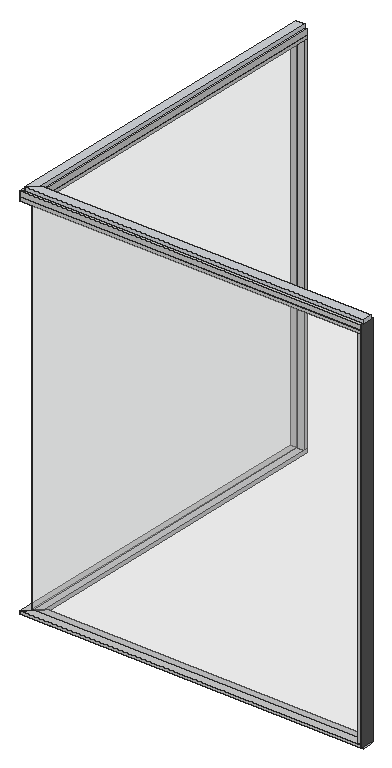
Revit family "Haworth_EncloseFrameless_Wall_GlassCorner", category Furniture Systems, Revit 2018
Family settings
  Round Connector Dimension = Use Diameter
  Part Type = Normal
  OmniClass Number = 23.25.40.14
  OmniClass Title = Demountable Partitions
  Work Plane-Based = No
  Always vertical = Yes
  Cut with Voids When Loaded = No
  Shared = Yes
  Room Calculation Point = No
Parameters (values of type "108"_90 Degree")
  Width 1 [instance] = 96"
  Warranty = "http://www.haworth.com/resources/product-info/warranties"
  URL - Product = "http://www.haworth.com/products/architectural-interiors/moveable-walls/enclose"
  Type Comments = ""
  Sustainability Info = "http://www.haworth.com/company-info/sustainablility"
  Model = "Haworth - Enclose Frameless"  # constant formula
  Material Options = "http://surfaces.haworth.com/"
  Width 2 [instance] = 96"
  Vertical Frame Width = 0.875"  # constant formula
  URL = "www.haworth.com"
  Size = "Verify Final Dim. w/ Haworth"  # constant formula
  Revision Number = "3"  # constant formula
  Panel Width [instance] = Width 1 - (2 * Vertical Frame Width) - End of Run Left Width - End of Run Right Width  # 93.94"
  Panel Height = Actual Height - Horizontal Bottom Adjuster Width - (2 * Horizontal Frame Width) - Horizontal Top Adjuster Width  # 101.5"
  Panel Depth = 0.4"  # constant formula
  Min/Max Width = "12in Min, Verify Max"  # constant formula
  Min/Max Height = "24-144 in."  # constant formula
  Horizontal Top Trim Width = 1.43"  # constant formula
  Horizontal Top Adjuster Width = Cap Height + Horizontal Top Trim Width + 0.195"  # 2.625"
  Horizontal Bottom Adjuster Width = Base Height + Horizontal Frame Width  # 2.125"
  Glazing Connector_90 = and(Glazing Connector, [90 Degree])  # no
  Glazing Connector_135 = and(Glazing Connector, [135 Degree])  # no
  Glazing Connector = no
  Glass Finish = Haworth _ Glass _ Clear
  Frame Finish = Haworth _ Metal _ Brushed Aluminum
  End of Run Finish = Haworth _ Polymer _ Black
  End Frame Right [instance] = yes
  End Frame Left [instance] = yes
  Description = "Wall-Glass_Corner"  # constant formula
  Cut Angle = Angle / 2  # 45.00°
  Ceiling Mount = yes
  Min. Height = 24"  # constant formula
  Max. Height = 144"  # constant formula
  Manufacturer = "Haworth"  # constant formula
  Horizontal Frame Width = 0.875"  # constant formula
  Horizontal Bottom Trim Width = 2.425"  # constant formula
  Height = 108"
  Half Postcap Width = 0.155"  # constant formula
  Frame Depth = 4"  # constant formula
  End of Run Right Width [instance] = if(and(End of Run Right, End Frame Right), 1.845", Half Postcap Width)  # 0.155"
  End of Run Right [instance] = no
  End of Run Left Width [instance] = if(and(End of Run Left, End Frame Left), 1.845", Half Postcap Width)  # 0.155"
  End of Run Left [instance] = no
  Cap Height = 1"  # constant formula
  Base Height = 1.25"  # constant formula
  Author = "SHAPE Environments, LLC"  # constant formula
  Assembly Code = "C1010200"
  Angle = if([90 Degree], 90.00°, 135.00°)  # 90.00°
  Actual Height = if(Height < Min. Height, Min. Height, if(Height > Max. Height, Max. Height, Height))  # 108"
  90 Degree = yes
  135 Degree = not([90 Degree])  # no
Types (2): name | Cut Angle | Angle | 90 Degree | 135 Degree
  108"_135 Degree | 67.50° | 135.00° | no | yes
  108"_90 Degree | 45.00° | 90.00° | yes | no
Reference planes (in)
  plane 1 "Center F/B": y = -0.17786
  plane 2: z = 0
  plane 3 "Center L/R": x = -2.36364
  plane 4 "Left": x = -50.36364
  plane 5 "Right": x = 45.63636
  plane 6 "Top": z = 108
  plane 7 "Back": y = 1.82214
  plane 8 "Front": y = -2.17786
  plane 9 "Void 3": x = -2.36364
  plane 10 "Void 1": x = -2.36364
  plane 11 "Right Frame Outside": x = 45.48136
  plane 12 "Right Frame Inside": x = 44.60636
  plane 13 "End of Run Right": x = 45.63636
  plane 14 "Void 2": x = -2.36364
  plane 15 "Top Frame Outside": z = 105.375
  plane 16 "Top Trim Outside": z = 107
  plane 17 "Top Frame Inside": z = 104.5
  plane 18 "Bottom Frame Outside": z = 2.125
  plane 19 "Bottom Adjuster": z = 1.25
  plane 20 "Bottom Frame Inside": z = 3
  plane 21: y = 93.82214
  plane 22: through (-118.24589, 65.70439, 48) normal (-0.7071, 0.7071, 0)
  plane 23: through (-50.36364, -2.17786, 48) normal (-0.7071, 0.7071, 0)
Dimensions and locks (in)
  "Width 1": plane 4 "Left" to plane 13 "End of Run Right"
  "End of Run Right Width": plane 11 "Right Frame Outside" to plane 13 "End of Run Right"
  "Vertical Frame Width": plane 12 "Right Frame Inside" to plane 11 "Right Frame Outside"
  equal spacing: plane 7 "Back", plane 1 "Center F/B", plane 8 "Front"
  "Frame Depth": plane 7 "Back" to plane 8 "Front"
  "Actual Height": plane 6 "Top" to level
  "Cap Height": plane 6 "Top" to plane 16 "Top Trim Outside"
  "Horizontal Frame Width": plane 15 "Top Frame Outside" to plane 17 "Top Frame Inside"
  "Base Height": plane 19 "Bottom Adjuster" to level
  "Horizontal Frame Width": plane 20 "Bottom Frame Inside" to plane 18 "Bottom Frame Outside"
  "Horizontal Bottom Adjuster Width": plane 18 "Bottom Frame Outside" to plane 2
  "Horizontal Top Adjuster Width": plane 6 "Top" to plane 15 "Top Frame Outside"
  locked: nested 2 to plane 4 "Left"
  equal spacing: plane 4 "Left", plane 3 "Center L/R", plane 13 "End of Run Right"
  "Width 2": plane 21 to plane 8 "Front"
  "Width 2": plane 22 to plane 23
  "Angle": angle plane 8 "Front" to nested 2
  aligned and locked: plane 1 "Center F/B" to nested 1
  aligned and locked: plane 3 "Center L/R" to nested 1
  aligned and locked: plane 3 "Center L/R" to plane 10 "Void 1"
  aligned and locked: plane 3 "Center L/R" to plane 14 "Void 2"
  aligned and locked: plane 3 "Center L/R" to plane 9 "Void 3"
Nested families (in)
  nested 1: "Glass_Corner_Panel" at (0, 0, 0), Width <- "Width 1", End of Run <- "End of Run Right", End Frame <- "End Frame Right", type "108" H"
    with Width 96", Panel Width 93.17", HFEC Right Width 0.155", Glass Right Offset 0.875", End of Run Right Width 0.155", End of Run no, End Frame yes, Cut Angle 45.00°
  nested 2: "Glass_Corner_Panel" at (-48.18578, 48.18578, 0) x (0, 1, 0) z (0, 0, 1), Width <- "Width 2", End of Run <- "End of Run Left", End Frame <- "End Frame Left", type "108" H"
    with Width 96", Panel Width 93.17", HFEC Right Width 0.155", Glass Right Offset 0.875", End of Run Right Width 0.155", End of Run no, End Frame yes, Cut Angle 45.00°
Definition of nested family "Glass_Corner_Panel"
  Parameters
    Width [instance] = 36"
    URL - Product = ""
    Material Options = ""
    Warranty = ""
    Vertical Frame Width = 0.875"  # constant formula
    URL = ""
    Top Offset = 1.2185"  # constant formula
    LEED Data = ""
    Sustainability Info = ""
    Size = ""
    Revision Number = "1"  # constant formula
    Panel Width [instance] = if(and(End Frame, Glazing Connector_90, Cut Angle = 45.00°), Width - (Vertical Frame Width) - (End of Run Right Width) - 1.8" - 0.4", if(and(End Frame, Cut Angle = 45.00°), Width - (Vertical Frame Width) - (End of Run Right Width) - 1.8", if(and(End Frame, Glazing Connector_135), Width - (Vertical Frame Width) - (End of Run Right Width) - 1.75" + 1" - 0.4", if(End Frame, Width - (Vertical Frame Width) - (End of Run Right Width) - 0.75", if(and(Glazing Connector_90, Cut Angle = 45.00°), Width - (Vertical Frame Width) - (End of Run Right Width) - 0.75" - 0.4", if(Cut Angle = 45.00°, Width - (Vertical Frame Width) - (End of Run Right Width) - 0.75", if(Glazing Connector_135, Width - (Vertical Frame Width) - End of Run Right Width - 0.72" + 1" - 0.4", Width - 0.75")))))))  # 34.22"
    Panel Height = Height - Horizontal Bottom Adjuster Width - Horizontal Frame Width - Horizontal Top Adjuster Width  # 103.25"
    Panel Depth = 0.4"  # constant formula
    OmniClass Number = "23.25.40.14"  # constant formula
    Min/Max Width = ""
    Min/Max Height = ""
    Horizontal Top Trim Width = 1.43"  # constant formula
    Horizontal Top Adjuster Width = Cap Height + Horizontal Top Trim Width + 0.195"  # 2.625"
    Horizontal Bottom Adjuster Width = Base Height + Horizontal Frame Width  # 1.25"
    Height = 108"
    HFEC Right Width [instance] = if(not(End Frame), 0", End of Run Right Width)  # 0.155"
    Glazing Connector_90 = no
    Glazing Connector_135 = no
    Glass Right Offset [instance] = if(End Frame, Vertical Frame Width, 0")  # 0.875"
    Glass Offset = Horizontal Bottom Adjuster Width + Horizontal Frame Width  # 2.125"
    End Frame [instance] = yes
    Cut Angle = 67.50°
    Ceiling Mount = yes
    Bottom Offset = 2.795"  # constant formula
    Min. Width = 8"  # constant formula
    Max. Width = 60"  # constant formula
    Min. Height = 84"  # constant formula
    Max. Height = 144"  # constant formula
    Manufacturer = "Haworth"  # constant formula
    Horizontal Frame Width = 0.875"  # constant formula
    Horizontal Bottom Trim Width = 2.425"  # constant formula
    Half Postcap Width = 0.155"  # constant formula
    Frame Depth = 4"  # constant formula
    End of Run Right Width [instance] = if(and(End of Run, End Frame), 1.845", Half Postcap Width)  # 0.155"
    End of Run [instance] = no
    Cap Height = 1"  # constant formula
    Base Height = 0.375"  # constant formula
    Author = "SHAPE Environments, LLC"  # constant formula
    Assembly Code = ""
    Frame Finish = none
    Glass Finish = none
    Postcap Finish = none
  Reference planes (in)
    plane 1 "Center F/B": y = -0.17786
    plane 2: z = 0
    plane 3 "Center L/R": x = -2.36364
    plane 4 "Void End": x = -20.61364
    plane 5 "Right": x = 15.48136
    plane 6 "Top": z = 108
    plane 7 "Back": y = 1.82214
    plane 8 "Front": y = -2.17786
    plane 9 "Corner": x = -20.36364
    plane 10 "Glass Corner": x = -18.56364
    plane 11 "Right Frame Outside": x = 15.48136
    plane 12 "Right Frame Inside": x = 14.60636
    plane 13 "End of Run Right": x = 15.63636
    plane 14 "Void 1": x = -2.36364
    plane 15 "Top Frame Outside": z = 105.375
    plane 16 "Top Trim Outside": z = 107
    plane 17 "Top Frame Inside": z = 104.5
    plane 18 "Bottom Frame Outside": z = 1.25
    plane 19 "Bottom Adjuster": z = 0.375
    plane 20 "Bottom Frame Inside": z = 2.125
    plane 21 "Glass Constraint": x = 14.60636
  Forms (in)
    Sweep 1, solid, material <- "Postcap Finish", visible <- "End Frame"
      path origin (0, -0.17786, 0) x (1, 0, 0) y (0, 0, 1)
        loop
          line (15.48136, 107) -> (15.48136, 0.375)
      profile "Haworth_Enclose - Postcap : Right" origin (15.48136, -0.17786, 53.6875) x (1, 0, 0) y (0, -1, 0)
        loop
          line (0, 1.805) -> (0, -1.805) -> (0.155, -1.805) -> (0.155, 1.805) -> (0, 1.805)
    Sweep 2, solid, material <- "Frame Finish", visible <- "End Frame"
      path origin (0, -0.17786, 0) x (1, 0, 0) y (0, 0, 1)
        loop
          line (15.48136, 104.5) -> (15.48136, 1.25)
      profile "Haworth_Enclose - Vertical_Frame : Vertical" origin (15.48136, -0.17786, 52.875) x (1, 0, 0) y (0, -1, 0)
        loop
          line (0, 2) -> (-0.875, 2) -> (-0.875, -2) -> (0, -2) -> (0, 2)
    Sweep 3, solid, material <- "Frame Finish"
      path origin (0, -0.17786, 0) x (1, 0, 0) y (0, 0, 1)
        loop
          line (15.48136, 104.5) -> (-20.36364, 104.5)
      profile "Haworth_Enclose - Horizontal_Frame : Horizontal" origin (-2.44114, -0.17786, 104.5) x (0, 0, -1) y (0, -1, 0)
        loop
          line (0, -2) -> (0, 2) -> (-0.875, 2) -> (-0.875, -2) -> (0, -2)
    Sweep 4, solid, material <- "Frame Finish"
      path origin (0, -0.17786, 0) x (1, 0, 0) y (0, 0, 1)
        loop
          line (-20.36364, 107) -> (15.48136, 107)
      profile "Haworth_Enclose - Horizontal_Trim : Top" origin (-2.44114, -0.17786, 107) x (0, 0, 1) y (0, -1, 0)
        loop
          line (0, -2) -> (0, 2) -> (-1.43, 2) -> (-1.43, 1.805) -> (-1.625, 1.805) -> (-1.625, -1.805) -> (-1.43, -1.805) -> (-1.43, -2) -> (0, -2)
    Sweep 5, solid, visible <- "Ceiling Mount"
      path origin (0, -0.17786, 0) x (1, 0, 0) y (0, 0, 1)
        loop
          line (-20.36364, 108) -> (15.63636, 108)
      profile "Haworth_Enclose - Horizontal_Track : Ceiling" origin (-2.36364, -0.17786, 108) x (0, 0, 1) y (0, -1, 0)
        loop
          line (0, -1.28) -> (0, 1.28) -> (-1, 1.28) -> (-1, -1.28) -> (0, -1.28)
    Sweep 6, solid
      path origin (0, -0.17786, 0) x (1, 0, 0) y (0, 0, 1)
        loop
          line (15.63636, 0) -> (-20.36364, 0)
      profile "Haworth_Enclose - Horizontal_Track : Base" origin (-2.36364, -0.17786, 0) x (0, 0, -1) y (0, -1, 0)
        loop
          line (0, -1.2875) -> (0, 1.2875) -> (-0.375, 1.2875) -> (-0.375, -1.2875) -> (0, -1.2875)
    Sweep 7, solid, material <- "Frame Finish"
      path origin (0, -0.17786, 0) x (1, 0, 0) y (0, 0, 1)
        loop
          line (-20.36364, 1.25) -> (15.48136, 1.25)
      profile "Haworth_Enclose - Horizontal_Frame : Horizontal" origin (-2.44114, -0.17786, 1.25) x (0, 0, 1) y (0, -1, 0)
        loop
          line (0, -2) -> (0, 2) -> (-0.875, 2) -> (-0.875, -2) -> (0, -2)
    Extrusion 8, void
      sketch origin (0, 0, 0) x (1, 0, 0) y (0, 1, 0)
        loop
          line (-20.61364, 1.82214) -> (-20.61364, -2.17786) -> (-20.36364, -2.17786) -> (-18.70679, 1.82214) -> (-20.61364, 1.82214)
      from 0 to 108
    Extrusion 9, solid, material <- "Frame Finish", visible <- "Glazing Connector_90"
      sketch origin (-0.05, 0, 0) x (1, 0, 0) y (0, 1, 0)
        loop
          line (-18.51364, -0.37786) -> (-18.11364, -0.37786) -> (-18.11364, 0.02214) -> (-18.51364, -0.37786)
      from 1.25 to 104.5
    Extrusion 10, solid, material <- "Frame Finish", visible <- "Glazing Connector_135"
      sketch origin (-1.05, 0, 0) x (1, 0, 0) y (0, 1, 0)
        loop
          line (-18.16364, 0.02214) -> (-18.40236, 0.02214) -> (-18.56804, -0.37786) -> (-18.16364, -0.37786) -> (-18.16364, 0.02214)
      from 1.25 to 104.5
  Cuts and joins
    Extrusion 8 cuts Sweep 6
    Extrusion 8 cuts Sweep 7
    Extrusion 8 cuts Sweep 5
    Extrusion 8 cuts Sweep 4
    Extrusion 8 cuts Sweep 3
  Lines and regions (in)
    Masking region 1
      outline origin (0, 4.375, 0) x (1, 0, 0) y (0, 1, 0)
        loop
          line (-18.70679, -2.55286) -> (-20.36364, -6.55286) -> (15.63636, -6.55286) -> (15.63636, -2.55286) -> (-18.70679, -2.55286)
    Masking region 2, detail levels medium+fine
      outline origin (0, 0, 0) x (1, 0, 0) y (0, 1, 0)
        loop
          line (-19.45237, 0.02214) -> (-19.61806, -0.37786) -> (14.60636, -0.37786) -> (14.60636, 0.02214) -> (-19.45237, 0.02214)
    symbolic lines, visible <- "End Frame", detail levels medium+fine
      curve 1: line (14.60636, 1.82214, 0) -> (14.60636, -2.17786, 0)
    reference lines
      curve 2: line (-20.36364, -2.17786, 0) -> (-18.06754, 3.36541, 0)
    symbolic lines
      curve 3: line (15.63636, 1.82214, 0) -> (-4.36364, 1.82214, 0)
      curve 4: line (-20.36364, -2.17786, 0) -> (15.63636, -2.17786, 0)
      curve 5: line (15.63636, -2.17786, 0) -> (15.63636, 1.82214, 0)
    symbolic lines, visible <- "Glazing Connector_90"
      curve 6: line (-18.56364, -0.37786, 0) -> (-18.16364, -0.37786, 0)
      curve 7: line (-18.16364, -0.37786, 0) -> (-18.16364, 0.02214, 0)
    symbolic lines, visible <- "Glazing Connector_135"
      curve 8: line (-19.21364, 0.02214, 0) -> (-19.21364, -0.37786, 0)
      curve 9: line (-19.21364, -0.37786, 0) -> (-19.61814, -0.37786, 0)
  Dimensions and locks (in)
    equal spacing: plane 9 "Corner", plane 3 "Center L/R", plane 13 "End of Run Right"
    "Width": plane 9 "Corner" to plane 13 "End of Run Right"
    "End of Run Right Width": plane 11 "Right Frame Outside" to plane 13 "End of Run Right"
    "Vertical Frame Width": plane 12 "Right Frame Inside" to plane 11 "Right Frame Outside"
    equal spacing: plane 7 "Back", plane 1 "Center F/B", plane 8 "Front"
    "Frame Depth": plane 7 "Back" to plane 8 "Front"
    "Height": plane 6 "Top" to level
    "Cap Height": plane 6 "Top" to plane 16 "Top Trim Outside"
    "Horizontal Frame Width": plane 15 "Top Frame Outside" to plane 17 "Top Frame Inside"
    "Base Height": plane 19 "Bottom Adjuster" to level
    "Horizontal Bottom Adjuster Width": plane 18 "Bottom Frame Outside" to plane 2
    "Horizontal Top Adjuster Width": plane 6 "Top" to plane 15 "Top Frame Outside"
    locked: plane 9 "Corner" to plane 10 "Glass Corner" at 1.8
    locked: plane 4 "Void End" to plane 9 "Corner" at 0.25
    locked: Extrusion 10 to plane 10 "Glass Corner" at 0.65
    Extrusion 10 sketch curve to Extrusion 10 sketch curve = 0.4044"
    "Glass Right Offset": plane 21 "Glass Constraint" to plane 5 "Right"
    "HFEC Right Width": plane 5 "Right" to plane 13 "End of Run Right"
    "Cut Angle": angle plane 8 "Front" to curve 2
    aligned and locked: Sweep 1 sketch curve to plane 11 "Right Frame Outside"
    aligned and locked: Sweep 2 sketch curve to plane 11 "Right Frame Outside"
    aligned and locked: plane 17 "Top Frame Inside" to Sweep 2 sketch curve
    aligned: plane 3 "Center L/R" to nested 1
    aligned and locked: plane 1 "Center F/B" to nested 1
    aligned: nested 1 to plane 20 "Bottom Frame Inside"
    aligned and locked: curve 1 to Sweep 2
    aligned and locked: plane 17 "Top Frame Inside" to Sweep 3 sketch curve
    aligned and locked: Sweep 4 sketch curve to plane 16 "Top Trim Outside"
    aligned and locked: Sweep 5 sketch curve to plane 6 "Top"
    aligned and locked: plane 13 "End of Run Right" to Sweep 5 sketch curve
    aligned and locked: level to Sweep 6 sketch curve
    aligned and locked: plane 13 "End of Run Right" to Sweep 6 sketch curve
    aligned and locked: plane 9 "Corner" to Sweep 5 sketch curve
    aligned and locked: plane 9 "Corner" to Sweep 6 sketch curve
    aligned and locked: plane 8 "Front" to Masking region 1 sketch curve
    aligned and locked: Masking region 1 sketch curve to plane 7 "Back"
    aligned and locked: Masking region 1 sketch curve to curve 2
    aligned and locked: Masking region 1 sketch curve to plane 13 "End of Run Right"
    aligned and locked: Extrusion 8 sketch curve to plane 8 "Front"
    aligned and locked: Extrusion 8 sketch curve to curve 2
    aligned and locked: plane 7 "Back" to Extrusion 8 sketch curve
    aligned and locked: Extrusion 8 sketch curve to plane 4 "Void End"
    aligned and locked: plane 3 "Center L/R" to plane 14 "Void 1"
    aligned and locked: plane 6 "Top" to Extrusion 8
    aligned and locked: curve 3 to Masking region 1
    aligned and locked: curve 4 to Masking region 1
    aligned and locked: curve 5 to Masking region 1
    aligned and locked: plane 16 "Top Trim Outside" to Sweep 1 sketch curve
    aligned and locked: plane 19 "Bottom Adjuster" to Sweep 1 sketch curve
    aligned: Extrusion 9 to plane 20 "Bottom Frame Inside"
    aligned and locked: plane 17 "Top Frame Inside" to Extrusion 9
    aligned: Extrusion 10 to plane 20 "Bottom Frame Inside"
    aligned and locked: plane 17 "Top Frame Inside" to Extrusion 10
    aligned and locked: Sweep 7 sketch curve to plane 18 "Bottom Frame Outside"
    aligned and locked: nested 1 to plane 18 "Bottom Frame Outside"
    aligned and locked: Extrusion 10 to plane 18 "Bottom Frame Outside"
    aligned and locked: Extrusion 9 to plane 18 "Bottom Frame Outside"
    aligned and locked: plane 18 "Bottom Frame Outside" to Sweep 2 sketch curve
    aligned and locked: Masking region 2 sketch curve to nested 1  (x3)
    aligned and locked: plane 9 "Corner" to Sweep 3 sketch curve
    aligned and locked: plane 9 "Corner" to Sweep 7 sketch curve
    aligned and locked: cut or joined group of Sweep 7, Extrusion 8 to Masking region 2 sketch curve
    aligned and locked: plane 5 "Right" to Sweep 4 sketch curve
    aligned and locked: plane 9 "Corner" to Sweep 4 sketch curve
    aligned and locked: plane 5 "Right" to Sweep 3 sketch curve
    aligned and locked: plane 5 "Right" to Sweep 7 sketch curve
    aligned and locked: plane 21 "Glass Constraint" to nested 1
  Automatic sketch dimensions
    curve 2 to plane 8 "Front" = 0"
    curve 2 to plane 9 "Corner" = 0"
    plane 10 "Glass Corner" to Extrusion 9 sketch curve = 0"
    plane 10 "Glass Corner" to Extrusion 9 sketch curve = 0.4"
    Extrusion 9 sketch curve to plane 1 "Center F/B" = 0.2"
    plane 1 "Center F/B" to Extrusion 9 sketch curve = 0.2"
    plane 1 "Center F/B" to Extrusion 10 sketch curve = 0.2"
    plane 9 "Corner" to Extrusion 10 sketch curve = 0.7456"
    Extrusion 10 sketch curve to plane 1 "Center F/B" = 0.2"
    Extrusion 10 sketch curve to Extrusion 10 sketch curve = 0.16569"
    curve 4 to plane 9 "Corner" = 0"
    plane 1 "Center F/B" to curve 9 = 0.2"
    plane 9 "Corner" to curve 9 = 0.7455"
    curve 9 to curve 8 = 0.4045"
    curve 3 to plane 3 "Center L/R" = 2"
    curve 8 to plane 1 "Center F/B" = 0.2"
    curve 6 to plane 10 "Glass Corner" = 0"
    plane 1 "Center F/B" to curve 6 = 0.2"
    plane 10 "Glass Corner" to curve 7 = 0.4"
    curve 7 to plane 1 "Center F/B" = 0.2"
  Nested families (in)
    nested 1: "Haworth_Enclose - Panel_Glass" at (-3.68385, -0.14763, 1.25), type "Haworth_Enclose - Panel_Glass"
      with Panel Width 34.22", Panel Height 103.25", Panel Depth 0.4"
  Definition of nested family "Haworth_Enclose - Panel_Glass"
    Parameters
      Panel Width = 36"
      Panel Height = 108"
      Panel Finish = none
      Panel Depth = 0.5"
    Reference planes (in)
      plane 1 "Center F/B": y = -0.03024
      plane 2: z = 0
      plane 3 "Center L/R": x = 1.1802
      plane 4 "Left": x = -16.8198
      plane 5 "Right": x = 19.1802
      plane 6 "Back": y = 0.21976
      plane 7 "Front": y = -0.28024
      plane 8 "Top": z = 108
    Forms (in)
      Extrusion 1, solid, material <- "Panel Finish"
        sketch origin (0, -0.03024, 0) x (1, 0, 0) y (0, 0, 1)
          loop
            line (-16.8198, 108) -> (-16.8198, 0) -> (19.1802, 0) -> (19.1802, 108) -> (-16.8198, 108)
        from -0.25 to 0.25
    Dimensions and locks (in)
      "Panel Height": plane 8 "Top" to level
      equal spacing: plane 6 "Back", plane 1 "Center F/B", plane 7 "Front"
      "Panel Depth": plane 6 "Back" to plane 7 "Front"
      equal spacing: plane 4 "Left", plane 3 "Center L/R", plane 5 "Right"
      "Panel Width": plane 4 "Left" to plane 5 "Right"
      aligned and locked: plane 4 "Left" to Extrusion 1 sketch curve
      aligned and locked: Extrusion 1 sketch curve to plane 8 "Top"
      aligned and locked: level to Extrusion 1 sketch curve
      aligned and locked: Extrusion 1 sketch curve to plane 5 "Right"
      aligned and locked: plane 6 "Back" to Extrusion 1
      aligned and locked: Extrusion 1 to plane 7 "Front"
